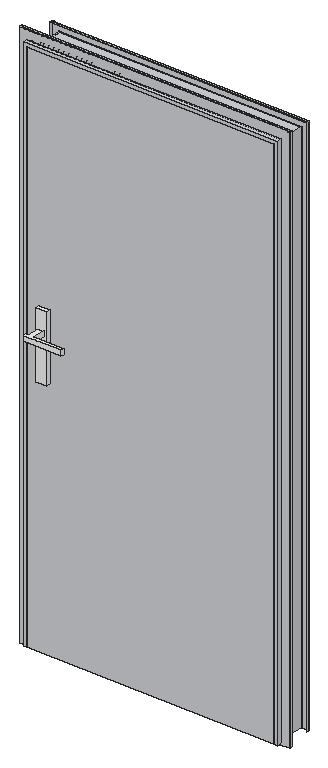
Revit family "GRANIT_plaskie", category Drzwi, Revit 2016
Family settings
  Obiekt nadrzędny = Ściana
  Zawsze pionowo = Tak
  Tnij formami wycięć po wczytaniu = Nie
  Współdzielony = Nie
  Punkt obliczania pomieszczeń = Nie
Parameters (values of type "PN 90")
  URL = "www.porta.com.pl"
  SB = 964 mm
  Producent = "PORTA KMI POLAND"  # constant formula
  Keynote = ""
  Opis = "Własność Porta KMI Poland, wszelkie prawa zastrzeżone."  # constant formula
  Odwzorowanie ramy - zewnętrzne = 25 mm
  Odwzorowanie ramy - wewnętrzne = 25 mm
  Szerokość ramy = 75 mm
  Wysokość = 2056 mm
  Zakończenie ściany = Wg obiektu nadrzędnego
  Szerokość = 984 mm
  Materiał skrzydła [instance] = none
  Materiał ościeżnicy [instance] = none
  Materiał klamki [instance] = none
  Konstrukcja analityczna = "<Brak>"
  Informacja = ""
  Funkcja = Wewnętrzna
Types (8, lengths in mm): name | URL | SB | Wysokość | Szerokość | Informacja
  PN 80 | "www.porta.com.pl , www.portadoors.com , www.portacad.eu" | 856 | 2056 | 876 | ""
  PN 90 | "www.porta.com.pl" | 964 | 2056 | 984 | ""
  PN 100 | "www.porta.com.pl , www.portadoors.com , www.portacad.eu" | 1056 | 2056 | 1076 | "Biblioteki CAD produktów firmy PORTA KMI POLAND S.A. wraz z ich wizualizacjami są chronione prawami własności przemysłowej i intelektualnej. Można je wykorzystywać do handlowych celów osobistych poprzez zastosowanie w projektach, jednak nie wolno ich powielać, modyfikować, licencjonować ani publikować, w całości ani w części, chyba że celem przeglądania, bez uprzedniej pisemnej zgody PORTA KMI Poland sp.z.o.o. www.porta.com.pl "
  C'eska' a Slovenska' 80 | "www.porta.com.pl , www.portadoors.com , www.portacad.eu" | 860 | 2005 | 880 | "Biblioteki CAD produktów firmy PORTA KMI POLAND S.A. wraz z ich wizualizacjami są chronione prawami własności przemysłowej i intelektualnej. Można je wykorzystywać do handlowych celów osobistych poprzez zastosowanie w projektach, jednak nie wolno ich powielać, modyfikować, licencjonować ani publikować, w całości ani w części, chyba że celem przeglądania, bez uprzedniej pisemnej zgody PORTA KMI Poland sp.z.o.o. www.porta.com.pl "
  C'eska' a Slovenska' 90 | "www.porta.com.pl , www.portadoors.com , www.portacad.eu" | 960 | 2005 | 980 | "Biblioteki CAD produktów firmy PORTA KMI POLAND S.A. wraz z ich wizualizacjami są chronione prawami własności przemysłowej i intelektualnej. Można je wykorzystywać do handlowych celów osobistych poprzez zastosowanie w projektach, jednak nie wolno ich powielać, modyfikować, licencjonować ani publikować, w całości ani w części, chyba że celem przeglądania, bez uprzedniej pisemnej zgody PORTA KMI Poland sp.z.o.o. www.porta.com.pl "
  C'eska' a Slovenska' 100 | "www.porta.com.pl , www.portadoors.com , www.portacad.eu" | 1060 | 2005 | 1080 | "Biblioteki CAD produktów firmy PORTA KMI POLAND S.A. wraz z ich wizualizacjami są chronione prawami własności przemysłowej i intelektualnej. Można je wykorzystywać do handlowych celów osobistych poprzez zastosowanie w projektach, jednak nie wolno ich powielać, modyfikować, licencjonować ani publikować, w całości ani w części, chyba że celem przeglądania, bez uprzedniej pisemnej zgody PORTA KMI Poland sp.z.o.o. www.porta.com.pl "
  DIN 80 | "www.porta.com.pl , www.portadoors.com , www.portacad.eu" | 865 | 2005 | 885 | "Biblioteki CAD produktów firmy PORTA KMI POLAND S.A. wraz z ich wizualizacjami są chronione prawami własności przemysłowej i intelektualnej. Można je wykorzystywać do handlowych celów osobistych poprzez zastosowanie w projektach, jednak nie wolno ich powielać, modyfikować, licencjonować ani publikować, w całości ani w części, chyba że celem przeglądania, bez uprzedniej pisemnej zgody PORTA KMI Poland sp.z.o.o. www.porta.com.pl "
  DIN 90 | "www.porta.com.pl , www.portadoors.com , www.portacad.eu" | 990 | 2005 | 1010 | "Biblioteki CAD produktów firmy PORTA KMI POLAND S.A. wraz z ich wizualizacjami są chronione prawami własności przemysłowej i intelektualnej. Można je wykorzystywać do handlowych celów osobistych poprzez zastosowanie w projektach, jednak nie wolno ich powielać, modyfikować, licencjonować ani publikować, w całości ani w części, chyba że celem przeglądania, bez uprzedniej pisemnej zgody PORTA KMI Poland sp.z.o.o. www.porta.com.pl "
Reference planes
  plane 1: y = 0
  plane 2 "Środek (Lewa/Prawa)": x = 0
  plane 3 "Lewy": x = -492
  plane 4 "Prawy": x = 492
  plane 5: z = 2056
  plane 6 "Zewnętrzna": y = 75
  plane 7 "Wewnętrzna": y = -75
  plane 8: z = 184.239
  plane 9: y = -81.983
Forms (mm)
  Sweep 1, solid, material <- "Materiał ościeżnicy"
    path in 3D
      loop
        line (-492, -75, 0) -> (-492, -75, 2056) -> (492, -75, 2056) -> (492, -75, 0)
    profile origin (-492, -75, 1028) x (0, -1, 0) y (1, 0, 0)
      loop
        line (8.8, 22.5) -> (8.8, -12.5)
        arc (8.8, -12.5) -> (8.419, -13.419) -> (7.5, -13.8) r 1.3
        line (7.5, -13.8) -> (0, -13.8) -> (0, -15) -> (7.5, -15)
        arc (7.5, -15) -> (9.268, -14.268) -> (10, -12.5) r 2.5
        line (10, -12.5) -> (10, 22.5)
        arc (10, 22.5) -> (9.268, 24.268) -> (7.5, 25) r 2.5
        line (7.5, 25) -> (-33.505, 25)
        arc (-33.505, 25) -> (-34.212, 25.293) -> (-34.505, 26) r 1
        line (-34.505, 26) -> (-34.505, 34.5)
        arc (-34.505, 34.5) -> (-34.212, 35.207) -> (-33.505, 35.5) r 1
        line (-33.505, 35.5) -> (-26.255, 35.5)
        arc (-26.255, 35.5) -> (-24.005, 37.75) -> (-26.255, 40) r 2.25
        line (-26.255, 40) -> (-107.5, 40)
        arc (-107.5, 40) -> (-109.268, 39.268) -> (-110, 37.5) r 2.5
        line (-110, 37.5) -> (-110, 12.5)
        arc (-110, 12.5) -> (-109.268, 10.732) -> (-107.5, 10) r 2.5
        line (-107.5, 10) -> (-100, 10) -> (-100, 11.2) -> (-107.5, 11.2)
        arc (-107.5, 11.2) -> (-108.419, 11.581) -> (-108.8, 12.5) r 1.3
        line (-108.8, 12.5) -> (-108.8, 37.5)
        arc (-108.8, 37.5) -> (-108.419, 38.419) -> (-107.5, 38.8) r 1.3
        line (-107.5, 38.8) -> (-26.255, 38.8)
        arc (-26.255, 38.8) -> (-25.205, 37.75) -> (-26.255, 36.7) r 1.05
        line (-26.255, 36.7) -> (-33.505, 36.7)
        arc (-33.505, 36.7) -> (-35.06, 36.056) -> (-35.705, 34.5) r 2.2
        line (-35.705, 34.5) -> (-35.705, 26)
        arc (-35.705, 26) -> (-35.06, 24.444) -> (-33.505, 23.8) r 2.2
        line (-33.505, 23.8) -> (7.5, 23.8)
        arc (7.5, 23.8) -> (8.419, 23.419) -> (8.8, 22.5) r 1.3
      loop
        arc (-18.755, 35) -> (-20.219, 38.536) -> (-23.755, 40) r 5
        line (-23.755, 40) -> (-23.755, 34) -> (-31.755, 34) -> (-31.755, 26) -> (-18.755, 26) -> (-18.755, 35)
  Extrusion 2, solid, material <- "Materiał skrzydła"
    sketch origin (0, -75, 0) x (1, 0, 0) y (0, 0, 1)
      loop
        line (-463, 2023.457) -> (-463, 8.303) -> (463.032, 8.303) -> (463.032, 2023.457) -> (-463, 2023.457)
    from -17.017 to 30.983
  Sweep 3, solid, material <- "Materiał skrzydła"
    path in 3D
      loop
        line (463.032, -105.983, 8.303) -> (463.032, -105.983, 2023.457) -> (-463, -105.983, 2023.457) -> (-463, -105.983, 8.303)
    profile origin (-463, -105.983, 1015.88) x (-1, 0, 0) y (0, -1, 0)
      loop
        line (0, 0) -> (0, -18) -> (13, -18) -> (13, 0) -> (0, 0)
Lines and regions (mm)
  Opening 1
    outline origin (-3050, -75, 0) x (1, 0, 0) y (0, 0, 1)
      loop
        line (2558, 0) -> (3542, 0) -> (3542, 2056) -> (2558, 2056) -> (2558, 0)
  model lines, style "s-główna"
    curve 1: line (-525, 75, 0) -> (-520, 75, 0)
    curve 2: line (-522, -75, 0) -> (-527, -75, 0)
  symbolic lines
    curve 3: line (492, -75, 0) -> (492, -1059.257, 0)
    curve 4: line (492, -1059.257, 0) -> (444, -1059.257, 0)
    curve 5: line (444, -1059.257, 0) -> (444, -75, 0)
    curve 6: line (444, -75, 0) -> (492, -75, 0)
    curve 7: arc (-492, -75, 0) -> (-220.562, -753.61, 0) -> (444, -1057.829, 0) r 984
  sketch lines
    curve 8: line (-492, -75, 0) -> (-492, -75, 2056)
    curve 9: line (-492, -75, 2056) -> (492, -75, 2056)
    curve 10: line (492, -75, 2056) -> (492, -75, 0)
    curve 11: line (-463, -105.983, 2023.457) -> (-463, -105.983, 8.303)
    curve 12: line (463.032, -105.983, 2023.457) -> (-463, -105.983, 2023.457)
    curve 13: line (463.032, -105.983, 8.303) -> (463.032, -105.983, 2023.457)
Text (mm)
  text "Zewnętrzna" at (-2295.016, 1099.543, 0), in view "Poziom odniesienia"
  text "Zewnętrzna" at (0, 1615.38, 3698.081), in view "Lewy"
  text "Zewnętrzna" at (0, 1036.032, 3874.932), in view "Prawy"
Dimensions and locks
  equal spacing: plane 3 "Lewy", plane 2 "Środek (Lewa/Prawa)", plane 4 "Prawy"
  "Szerokość": plane 3 "Lewy" to plane 4 "Prawy"
  "Wysokość": plane 5 to host wall
  host wall to plane 5 = 2056 mm  (x2)
  locked: plane 6 "Zewnętrzna" to host wall at 0
  locked: plane 7 "Wewnętrzna" to host wall
  locked: curve 5 to curve 3 at 48
  "SB": Sweep 1 to Sweep 1
  locked: Extrusion 2 to Extrusion 2 at 48
  locked: Sweep 1 to Extrusion 2 at 4
  locked: Extrusion 2 to plane 7 "Wewnętrzna" at 17.017
  locked: Extrusion 2 to Sweep 1 at 3.968
  locked: level to Extrusion 2 at 8.303
  locked: Extrusion 2 to Sweep 1 at 7.543
  locked: Extrusion 2 to nested 3 at 65
  locked: Extrusion 2 to nested 2 at 65
  locked: nested 2 to Extrusion 2 at 1094
  locked: Extrusion 2 to nested 3 at 1094
  aligned and locked: plane 3 "Lewy" to Opening 1 sketch curve
  aligned and locked: plane 5 to Opening 1 sketch curve  (x2)
  aligned and locked: Opening 1 sketch curve to plane 4 "Prawy"
  aligned and locked: Opening 1 sketch curve to level
  aligned and locked: plane 1 to host wall
Automatic sketch dimensions
  curve 2 to host wall = 0 mm
  curve 1 to host wall = 0 mm
  curve 7 to host wall = 0 mm
  curve 7 to plane 3 "Lewy" = 0 mm
  curve 6 to host wall = 0 mm
  curve 6 to plane 4 "Prawy" = 0 mm
  curve 7 to plane 4 "Prawy" = 0 mm
  plane 3 "Lewy" to curve 1 = 28 mm
  plane 3 "Lewy" to curve 2 = 30 mm
  curve 1 to curve 1 = 5 mm
  curve 2 to curve 2 = 5 mm
  curve 4 to curve 7 = 1.429 mm
  Sweep 1 sketch curve to Sweep 1 sketch curve = 0 mm  (x15)
  Sweep 1 sketch curve to profile plane = 0 mm
  profile plane to Sweep 1 sketch curve = 18.755 mm
  Sweep 1 sketch curve to Sweep 1 sketch curve = 5 mm
  Sweep 1 sketch curve to Sweep 1 sketch curve = 2.5 mm
  Sweep 1 sketch curve to Sweep 1 sketch curve = 5.5 mm
  Sweep 1 sketch curve to Sweep 1 sketch curve = 1.75 mm  (x2)
  Sweep 1 sketch curve to Sweep 1 sketch curve = 1 mm  (x2)
  Sweep 1 sketch curve to Sweep 1 sketch curve = 1.2 mm
  profile plane to Sweep 1 sketch curve = 10 mm
  Sweep 1 sketch curve to Sweep 1 sketch curve = 64.295 mm
  Sweep 1 sketch curve to Sweep 1 sketch curve = 7.5 mm  (x2)
  Sweep 1 sketch curve to Sweep 1 sketch curve = 1.3 mm  (x2)
  Sweep 1 sketch curve to profile plane = 7.5 mm  (x2)
  Sweep 1 sketch curve to profile plane = 12.5 mm
  profile plane to Sweep 1 sketch curve = 22.5 mm
  Sweep 1 sketch curve to Sweep 1 sketch curve = 8 mm
  Sweep 1 sketch curve to Sweep 1 sketch curve = 0.5 mm
  Sweep 1 sketch curve to Sweep 1 sketch curve = 25 mm
  Extrusion 2 sketch curve to plane 3 "Lewy" = 29 mm
  plane 4 "Prawy" to Extrusion 2 sketch curve = 28.968 mm
  plane 5 to Extrusion 2 sketch curve = 32.543 mm
  level to Extrusion 2 sketch curve = 8.303 mm
  Sweep 3 sketch curve to profile plane = 0 mm  (x2)
  profile plane to Sweep 3 sketch curve = 13 mm
  Sweep 3 sketch curve to Sweep 3 sketch curve = 18 mm
Nested families
  nested 1: "Rodzina1" at (0, -75, 109.239) x (1, 0, 0) z (0, -1, 0), type "Rodzina1"
  nested 2: "KLAMKA" at (-398, -105.983, 1047.303), Materiał klamki <- "Materiał klamki", type "KLAMKA"
    with Materiał klamki none
  nested 3: "KLAMKA" at (-398, -57.983, 1047.303), Materiał klamki <- "Materiał klamki", type "KLAMKA"
    with Materiał klamki none
Definition of nested family "KLAMKA"
  Parameters
    Materiał klamki [instance] = none
    Default Elevation = 1219.2 mm
  Reference planes
    plane 1 "Center (Front/Back)": y = 0
    plane 2: z = 0
    plane 3 "Center (Left/Right)": x = 0
    plane 4: z = 125
    plane 5: z = -125
    plane 6: x = 20
    plane 7: x = -20
    plane 8: y = -70
    plane 9: y = -60
    plane 10: x = 10
    plane 11: x = -10
    plane 12: x = 120
    plane 13: z = 35
    plane 14: z = 55
    plane 15: y = -15
  Forms (mm)
    Extrusion 1, solid, material <- "Materiał klamki"
      sketch origin (0, 0, 0) x (1, 0, 0) y (0, 0, 1)
        loop
          line (-20, 125) -> (-20, -125) -> (20, -125) -> (20, 125) -> (-20, 125)
      from 0 to 15
    Extrusion 2, solid, material <- "Materiał klamki"
      sketch origin (0, 0, 0) x (1, 0, 0) y (0, 1, 0)
        loop
          line (-10, -15) -> (-10, -60) -> (-20, -60) -> (-20, -70) -> (120, -70) -> (120, -60) -> (10, -60) -> (10, -15) -> (-10, -15)
      from 35 to 55
  Dimensions and locks
    equal spacing: plane 4, plane 2, plane 5
    plane 4 to plane 5 = 250 mm
    equal spacing: plane 7, plane 3 "Center (Left/Right)", plane 6
    plane 7 to plane 6 = 40 mm
    plane 8 to plane 1 "Center (Front/Back)" = 70 mm
    plane 11 to plane 3 "Center (Left/Right)" to plane 10 = 10 mm locked, 10 mm locked
    plane 7 to plane 12 = 140 mm
    plane 15 to plane 1 "Center (Front/Back)" = 15 mm
    aligned and locked: plane 7 to Extrusion 1 sketch curve
    aligned and locked: Extrusion 1 sketch curve to plane 4
    aligned and locked: plane 5 to Extrusion 1 sketch curve
    aligned and locked: Extrusion 1 sketch curve to plane 6
    aligned and locked: plane 15 to Extrusion 1
    aligned and locked: Extrusion 1 to plane 1 "Center (Front/Back)"
    aligned and locked: plane 14 to Extrusion 2
    aligned and locked: Extrusion 2 to plane 13
  Automatic sketch dimensions
    Extrusion 2 sketch curve to plane 7 = 0 mm
    Extrusion 2 sketch curve to plane 9 = 0 mm  (x2)
    Extrusion 2 sketch curve to plane 11 = 0 mm
    Extrusion 2 sketch curve to plane 10 = 0 mm
    Extrusion 2 sketch curve to plane 12 = 0 mm
    Extrusion 2 sketch curve to plane 8 = 0 mm
    Extrusion 2 sketch curve to plane 15 = 0 mm
Definition of nested family "Rodzina1"
  Reference planes
    plane 1 "Środek (Przód/Tył)": y = 0
    plane 2: z = 0
    plane 3 "Środek (Lewa/Prawa)": x = 0
